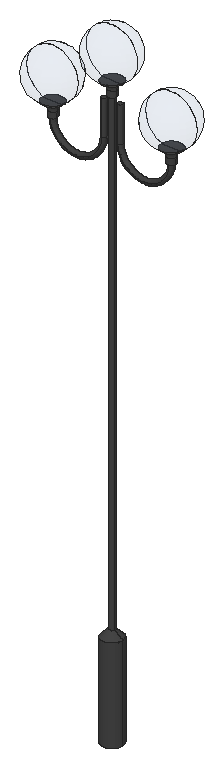
Revit family
Parameters
  Material Post = Metal - Black
  Material Lamp Glazing = Glass - Blue Frosted
  Fixture Height = 3500 mm
  Base Height = 550 mm
Reference planes
  plane 1 "Light Source Axis (F/B)": y = 0
  plane 2: z = 0
  plane 3 "Light Source Axis (L/R)": x = 0
  plane 4 "Fixture Top": z = 3500
  plane 5: y = -7.5
  plane 6 "Light Source Elevation": z = 3800
  plane 7: x = -346
  plane 8: x = 346
  plane 9: z = 3365
  plane 10: z = 3600
Forms (mm)
  Revolve 1, solid, material "Metal - Black" <- "Material Post"
    sketch origin (0, 0, 0) x (1, 0, 0) y (0, 0, 1)
      loop
        line (0, 0) -> (0, 3456.111) -> (-60, 3456.111)
        arc (-60, 3456.111) -> (-34.161, 3442.171) -> (-25, 3414.277) r 39.64
        line (-25, 3414.277) -> (-25, 3379.277) -> (-17.574, 3379.277) -> (-17.574, 592.426) -> (-60, 550) -> (-60, 0) -> (0, 0)
      axis (0, 0) -> (0, 3456.111)
    angle from 0 to 360
  Revolve 2, solid, material "Metal - Black" <- "Material Post"
    sketch origin (-97.613, 0, -40) x (1, 0, 0) y (0, 0, 1)
      loop
        line (-248.565, 3189.675) -> (-248.565, 3266.508) -> (-308.565, 3266.508)
        arc (-308.565, 3266.508) -> (-282.726, 3252.568) -> (-273.565, 3224.675) r 39.64
        line (-273.565, 3224.675) -> (-273.565, 3189.675) -> (-248.565, 3189.675)
      axis (-248.565, 3189.675) -> (-248.565, 3266.508)
    angle from 0 to 360
  Revolve 3, solid, material "Glass - Blue Frosted" <- "Material Lamp Glazing"
    sketch origin (-97.613, 0, -40) x (1, 0, 0) y (0, 0, 1)
      loop
        line (-248.565, 3261.508) -> (-248.565, 3558.37)
        arc (-248.565, 3558.37) -> (-397.779, 3423.713) -> (-279.09, 3261.508) r 150
        line (-279.09, 3261.508) -> (-248.565, 3261.508)
      axis (-248.565, 3261.508) -> (-248.565, 3558.37)
    angle from 0 to 360
  Revolve 4, solid, material "Metal - Black" <- "Material Post"
    sketch origin (97.869, 0, -40) x (-1, 0, 0) y (0, 0, 1)
      loop
        line (-248.565, 3189.675) -> (-248.565, 3266.508) -> (-308.565, 3266.508)
        arc (-308.565, 3266.508) -> (-282.726, 3252.568) -> (-273.565, 3224.675) r 39.64
        line (-273.565, 3224.675) -> (-273.565, 3189.675) -> (-248.565, 3189.675)
      axis (-248.565, 3189.675) -> (-248.565, 3266.508)
    angle from 0 to 360
  Sweep 5, solid, material "Metal - Black" <- "Material Post"
    path origin (0, 0, 0) x (1, 0, 0) y (0, 0, 1)
      loop
        line (-48.565, 3349.675) -> (-48.565, 3149.675)
        arc (-48.565, 3149.675) -> (-198.565, 2999.675) -> (-348.565, 3149.675) r 150
    profile origin (0, 0, 3249.675) x (0, -1, 0) y (1, 0, 0)
      loop
        circle (0, -48.565) r 15
  Sweep 6, solid, material "Metal - Black" <- "Material Post"
    path origin (0, 0, 0) x (1, 0, 0) y (0, 0, 1)
      loop
        line (46.435, 3349.675) -> (46.435, 3149.675)
        arc (46.435, 3149.675) -> (196.435, 2999.675) -> (346.435, 3149.675) r 150
    profile origin (0, 0, 3249.675) x (0, -1, 0) y (1, 0, 0)
      loop
        circle (0, 46.435) r 15
  Revolve 7, solid, material "Glass - Blue Frosted" <- "Material Lamp Glazing"
    sketch origin (248.565, 0, 189.603) x (1, 0, 0) y (0, 0, 1)
      loop
        line (-248.565, 3261.508) -> (-248.565, 3558.37)
        arc (-248.565, 3558.37) -> (-397.779, 3423.713) -> (-279.09, 3261.508) r 150
        line (-279.09, 3261.508) -> (-248.565, 3261.508)
      axis (-248.565, 3261.508) -> (-248.565, 3558.37)
    angle from 0 to 360
  Revolve 8, solid, material "Glass - Blue Frosted" <- "Material Lamp Glazing"
    sketch origin (595, 0, -40) x (1, 0, 0) y (0, 0, 1)
      loop
        line (-248.565, 3261.508) -> (-248.565, 3558.37)
        arc (-248.565, 3558.37) -> (-397.779, 3423.713) -> (-279.09, 3261.508) r 150
        line (-279.09, 3261.508) -> (-248.565, 3261.508)
      axis (-248.565, 3261.508) -> (-248.565, 3558.37)
    angle from 0 to 360
  Extrusion 9, solid, material "Metal - Black" <- "Material Post"
    sketch origin (0, -7.5, 0) x (1, 0, 0) y (0, 0, 1)
      loop
        line (-37.483, 3316.297) -> (-37.483, 3294.326) -> (-12.483, 3294.326) -> (-12.483, 3316.297) -> (-37.483, 3316.297)
    from 0 to -15
  Extrusion 10, solid, material "Metal - Black" <- "Material Post"
    sketch origin (0, -7.5, -50) x (1, 0, 0) y (0, 0, 1)
      loop
        line (-37.483, 3316.297) -> (-37.483, 3294.326) -> (-12.483, 3294.326) -> (-12.483, 3316.297) -> (-37.483, 3316.297)
    from 0 to -15
  Extrusion 11, solid, material "Metal - Black" <- "Material Post"
    sketch origin (0, -7.5, -145) x (1, 0, 0) y (0, 0, 1)
      loop
        line (-37.483, 3316.297) -> (-37.483, 3294.326) -> (-12.483, 3294.326) -> (-12.483, 3316.297) -> (-37.483, 3316.297)
    from 0 to -15
  Extrusion 12, solid, material "Metal - Black" <- "Material Post"
    sketch origin (0, -7.5, 0) x (-1, 0, 0) y (0, 0, -1)
      loop
        line (-37.483, -3316.297) -> (-12.483, -3316.297) -> (-12.483, -3294.326) -> (-37.483, -3294.326) -> (-37.483, -3316.297)
    from 0 to -15
  Extrusion 13, solid, material "Metal - Black" <- "Material Post"
    sketch origin (0, -7.5, -50) x (-1, 0, 0) y (0, 0, -1)
      loop
        line (-37.483, -3316.297) -> (-12.483, -3316.297) -> (-12.483, -3294.326) -> (-37.483, -3294.326) -> (-37.483, -3316.297)
    from 0 to -15
  Extrusion 14, solid, material "Metal - Black" <- "Material Post"
    sketch origin (0, -7.5, -145) x (-1, 0, 0) y (0, 0, -1)
      loop
        line (-37.483, -3316.297) -> (-12.483, -3316.297) -> (-12.483, -3294.326) -> (-37.483, -3294.326) -> (-37.483, -3316.297)
    from 0 to -15
Lines and regions (mm)
  Masking region 1
    outline origin (0, 0, 0) x (1, 0, 0) y (0, 1, 0)
      loop
        arc (-196.752, 15) -> (-496, 0) -> (-196.752, -15) r 150
        line (-196.752, -15) -> (-149.248, -15)
        arc (-149.248, -15) -> (0, -150) -> (149.248, -15) r 150
        line (149.248, -15) -> (196.752, -15)
        arc (196.752, -15) -> (496, 0) -> (196.752, 15) r 150
        line (196.752, 15) -> (149.248, 15)
        arc (149.248, 15) -> (0, 150) -> (-149.248, 15) r 150
        line (-149.248, 15) -> (-196.752, 15)
  symbolic lines
    curve 1: circle (-346, 0, 0) r 150 normal (0, 0, 1)
    curve 2: circle (0, 0, 0) r 150 normal (0, 0, 1)
    curve 3: circle (346, 0, 0) r 150 normal (0, 0, 1)
    curve 4: line (-149.248, -15, 0) -> (-196.752, -15, 0)
    curve 5: line (196.752, 15, 0) -> (149.248, 15, 0)
    curve 6: line (196.752, -15, 0) -> (149.248, -15, 0)
    curve 7: line (-149.248, 15, 0) -> (-196.752, 15, 0)
Dimensions and locks
  "Base Height": Revolve 1 sketch curve to Revolve 1 sketch curve
  "Fixture Height": plane 4 "Fixture Top" to plane 2
  locked: plane 6 "Light Source Elevation" to plane 4 "Fixture Top" at 300
  locked: plane 10 to plane 4 "Fixture Top" at 100
  locked: plane 4 "Fixture Top" to plane 9 at 135
  locked: plane 7 to plane 3 "Light Source Axis (L/R)" at 346
  locked: plane 3 "Light Source Axis (L/R)" to plane 8 at 346
  aligned and locked: plane 3 "Light Source Axis (L/R)" to nested 1
  aligned and locked: plane 1 "Light Source Axis (F/B)" to nested 1
  aligned and locked: nested 1 to plane 10
  aligned and locked: plane 1 "Light Source Axis (F/B)" to nested 3
  aligned and locked: nested 3 to plane 8
  aligned and locked: plane 1 "Light Source Axis (F/B)" to nested 2
  aligned and locked: nested 2 to plane 7
  aligned and locked: nested 3 to plane 9
  aligned and locked: nested 2 to plane 9
  aligned and locked: Sweep 5 to curve 4
  aligned and locked: Sweep 6 to curve 5
  aligned and locked: Sweep 6 to curve 6
  aligned and locked: Sweep 5 to curve 7
Automatic sketch dimensions
  Revolve 1 sketch curve to level = 0 mm
  Revolve 1 sketch curve to plane 3 "Light Source Axis (L/R)" = 0 mm  (x2)
  Revolve 1 sketch curve to plane 3 "Light Source Axis (L/R)" = 17.574 mm
  Revolve 1 sketch curve to Revolve 1 sketch curve = 7.426 mm
  Revolve 1 sketch curve to plane 3 "Light Source Axis (L/R)" = 60 mm
  Revolve 1 sketch curve to Revolve 1 sketch curve = 35 mm  (x2)
  Revolve 1 sketch curve to Revolve 1 sketch curve = 39.563 mm
  Revolve 1 sketch curve to Revolve 1 sketch curve = 271.696 mm
  Revolve 1 sketch curve to Revolve 1 sketch curve = 42.426 mm
  Revolve 1 sketch curve to Revolve 1 sketch curve = 76.834 mm
  plane 4 "Fixture Top" to Revolve 1 sketch curve = 43.889 mm
  Revolve 1 sketch curve to plane 4 "Fixture Top" = 1165.289 mm
  Revolve 2 sketch curve to plane 3 "Light Source Axis (L/R)" = 410.741 mm
  Revolve 2 sketch curve to Revolve 2 sketch curve = 4.563 mm
  Revolve 2 sketch curve to Revolve 2 sketch curve = 39.563 mm
  Revolve 2 sketch curve to Revolve 2 sketch curve = 25 mm
  Revolve 2 sketch curve to Revolve 2 sketch curve = 0 mm  (x2)
  plane 4 "Fixture Top" to Revolve 2 sketch curve = 350.325 mm
  Revolve 2 sketch curve to Revolve 2 sketch curve = 35 mm
  Revolve 2 sketch curve to Revolve 2 sketch curve = 2.458 mm
  Revolve 2 sketch curve to plane 4 "Fixture Top" = 99.675 mm
  plane 3 "Light Source Axis (L/R)" to Revolve 4 sketch curve = 410.998 mm
  Revolve 4 sketch curve to Revolve 4 sketch curve = 4.563 mm
  Revolve 4 sketch curve to Revolve 4 sketch curve = 39.563 mm
  Revolve 4 sketch curve to Revolve 4 sketch curve = 25 mm
  Revolve 4 sketch curve to Revolve 4 sketch curve = 0 mm  (x2)
  plane 4 "Fixture Top" to Revolve 4 sketch curve = 350.325 mm
  Revolve 4 sketch curve to Revolve 4 sketch curve = 35 mm
  Revolve 4 sketch curve to Revolve 4 sketch curve = 2.458 mm
  Revolve 4 sketch curve to plane 4 "Fixture Top" = 99.675 mm
  Sweep 5 sketch curve to plane 1 "Light Source Axis (F/B)" = 0 mm
  Sweep 5 sketch curve to profile plane = 0 mm
  Sweep 6 sketch curve to plane 1 "Light Source Axis (F/B)" = 0 mm
  Sweep 6 sketch curve to profile plane = 0 mm
  Sweep 5 sketch curve to plane 3 "Light Source Axis (L/R)" = 348.565 mm
  Sweep 5 sketch curve to Sweep 5 sketch curve = 150 mm
  plane 4 "Fixture Top" to Sweep 5 sketch curve = 350.325 mm
  plane 4 "Fixture Top" to Sweep 5 sketch curve = 150.325 mm
  plane 3 "Light Source Axis (L/R)" to Sweep 6 sketch curve = 46.435 mm
  Sweep 6 sketch curve to Sweep 6 sketch curve = 150 mm
  plane 4 "Fixture Top" to Sweep 6 sketch curve = 350.325 mm
  plane 4 "Fixture Top" to Sweep 6 sketch curve = 150.325 mm
  Revolve 3 sketch curve to plane 3 "Light Source Axis (L/R)" = 376.703 mm
  Revolve 3 sketch curve to Revolve 3 sketch curve = 30.525 mm
  Revolve 3 sketch curve to Revolve 3 sketch curve = 0 mm
  plane 4 "Fixture Top" to Revolve 3 sketch curve = 350.325 mm
  Revolve 3 sketch curve to Revolve 3 sketch curve = 71.834 mm
  plane 4 "Fixture Top" to Revolve 3 sketch curve = 131.63 mm
  Revolve 3 sketch curve to Revolve 3 sketch curve = 5 mm
  Revolve 7 sketch curve to plane 3 "Light Source Axis (L/R)" = 0 mm  (x2)
  Revolve 7 sketch curve to Revolve 7 sketch curve = 30.525 mm
  plane 4 "Fixture Top" to Revolve 7 sketch curve = 120.723 mm
  plane 4 "Fixture Top" to Revolve 7 sketch curve = 48.889 mm
  Revolve 7 sketch curve to plane 4 "Fixture Top" = 97.972 mm
  Revolve 7 sketch curve to Revolve 7 sketch curve = 5 mm
  plane 3 "Light Source Axis (L/R)" to Revolve 8 sketch curve = 315.91 mm
  Revolve 8 sketch curve to Revolve 8 sketch curve = 30.525 mm
  Revolve 8 sketch curve to Revolve 8 sketch curve = 0 mm
  plane 4 "Fixture Top" to Revolve 8 sketch curve = 350.325 mm
  Revolve 8 sketch curve to Revolve 8 sketch curve = 71.834 mm
  plane 4 "Fixture Top" to Revolve 8 sketch curve = 131.63 mm
  Revolve 8 sketch curve to Revolve 8 sketch curve = 5 mm
  Extrusion 9 sketch curve to plane 3 "Light Source Axis (L/R)" = 37.483 mm
  Extrusion 9 sketch curve to plane 3 "Light Source Axis (L/R)" = 12.483 mm
  plane 4 "Fixture Top" to Extrusion 9 sketch curve = 205.674 mm
  Extrusion 9 sketch curve to Extrusion 9 sketch curve = 21.97 mm
  Extrusion 10 sketch curve to plane 3 "Light Source Axis (L/R)" = 37.483 mm
  Extrusion 10 sketch curve to plane 3 "Light Source Axis (L/R)" = 12.483 mm
  plane 4 "Fixture Top" to Extrusion 10 sketch curve = 255.674 mm
  Extrusion 10 sketch curve to Extrusion 10 sketch curve = 21.97 mm
  Extrusion 11 sketch curve to plane 3 "Light Source Axis (L/R)" = 37.483 mm
  Extrusion 11 sketch curve to plane 3 "Light Source Axis (L/R)" = 12.483 mm
  plane 4 "Fixture Top" to Extrusion 11 sketch curve = 350.674 mm
  Extrusion 11 sketch curve to Extrusion 11 sketch curve = 21.97 mm
  plane 3 "Light Source Axis (L/R)" to Extrusion 12 sketch curve = 37.483 mm
  plane 3 "Light Source Axis (L/R)" to Extrusion 12 sketch curve = 12.483 mm
  plane 4 "Fixture Top" to Extrusion 12 sketch curve = 183.703 mm
  Extrusion 12 sketch curve to Extrusion 12 sketch curve = 21.97 mm
  plane 3 "Light Source Axis (L/R)" to Extrusion 13 sketch curve = 37.483 mm
  plane 3 "Light Source Axis (L/R)" to Extrusion 13 sketch curve = 12.483 mm
  plane 4 "Fixture Top" to Extrusion 13 sketch curve = 233.703 mm
  Extrusion 13 sketch curve to Extrusion 13 sketch curve = 21.97 mm
  plane 3 "Light Source Axis (L/R)" to Extrusion 14 sketch curve = 37.483 mm
  plane 3 "Light Source Axis (L/R)" to Extrusion 14 sketch curve = 12.483 mm
  plane 4 "Fixture Top" to Extrusion 14 sketch curve = 328.703 mm
  Extrusion 14 sketch curve to Extrusion 14 sketch curve = 21.97 mm
  curve 1 to plane 1 "Light Source Axis (F/B)" = 0 mm
  curve 1 to plane 7 = 0 mm
  curve 2 to plane 3 "Light Source Axis (L/R)" = 0 mm
  curve 3 to plane 1 "Light Source Axis (F/B)" = 0 mm
  curve 3 to plane 8 = 0 mm
  plane 7 to curve 7 = 149.248 mm
  curve 7 to curve 7 = 47.504 mm
  curve 4 to curve 7 = 0 mm
  curve 6 to curve 6 = 47.504 mm
  Masking region 1 sketch curve to Masking region 1 sketch curve = 0 mm  (x3)
  Masking region 1 sketch curve to plane 1 "Light Source Axis (F/B)" = 0 mm  (x3)
  Masking region 1 sketch curve to plane 7 = 0 mm
  Masking region 1 sketch curve to plane 3 "Light Source Axis (L/R)" = 0 mm
  Masking region 1 sketch curve to plane 8 = 0 mm
  Masking region 1 sketch curve to plane 1 "Light Source Axis (F/B)" = 15 mm  (x2)
  Masking region 1 sketch curve to Masking region 1 sketch curve = 47.504 mm  (x2)
  plane 5 to Masking region 1 sketch curve = 7.5 mm  (x2)
  plane 7 to Masking region 1 sketch curve = 149.248 mm
  radius of Sweep 5 sketch curve = 15 mm
  radius of Sweep 6 sketch curve = 15 mm
Nested families
  nested 1: "Light Source" at (0, 0, 3600), type "100W"
  nested 2: "Light Source" at (-346, 0, 3365), type "100W"
  nested 3: "Light Source" at (346, 0, 3365), type "100W"
Definition of nested family "Light Source"
  Parameters (values of type "100W")
    Wattage = 100 W
    built-in parameter 1150110 = 1 (stored number, unit not read)
    built-in parameter 1114217 = 1 (stored number, unit not read)
    built-in parameter 1150109 = 1 (stored number, unit not read)
    built-in parameter 1150134 = 4
    built-in parameter 1150113 = 1 (stored number, unit not read)
    Lumens = 1200 lm
    built-in parameter 1150115 = 1 (stored number, unit not read)
    built-in parameter 1150105 = 95.493 (stored number, unit not read)
    Light Source Symbol Size = 609.6 mm
    built-in parameter 1150137 = (empty or 0)
    built-in parameter 1150139 = (empty or 0)
    built-in parameter 1150112 = 1 (stored number, unit not read)
    built-in parameter 1150114 = 1 (stored number, unit not read)
    built-in parameter 1150132 = (empty or 0)
    built-in parameter 1150102 = (empty or 0)
    built-in parameter 1150138 = (empty or 0)
    built-in parameter 1150107 = 2800 (stored number, unit not read)
    built-in parameter 1150106 = 0.95493 (stored number, unit not read)
    built-in parameter 1150104 = 1.1148 (stored number, unit not read)
    Dimming Lamp Color Temperature Shift = (empty or 0)
    Color Filter = 16777215
    built-in parameter 1114218 = 1 (stored number, unit not read)
    built-in parameter 1150133 = 10 (stored number, unit not read)
    Assembly Code = ""
  Reference planes
    plane 1 "Light Source Axis (F/B)": y = 0
    plane 2: z = 0
    plane 3 "Light Source Axis (L/R)": x = 0
    plane 4 "Light Source Elevation": z = 0
  Lines and regions (mm)
    reference lines
      curve 1: line (0, 1196.616, 0) -> (0, -1403.384, 0)
      curve 2: line (-1183.996, 0, 0) -> (2216.004, 0, 0)
      curve 3: line (0, 0, 1167.649) -> (0, 0, -972.351)
  Dimensions and locks
    aligned and locked: plane 3 "Light Source Axis (L/R)" to imposter light
    aligned and locked: plane 1 "Light Source Axis (F/B)" to imposter light
    aligned and locked: plane 4 "Light Source Elevation" to imposter light
    aligned and locked: plane 4 "Light Source Elevation" to plane 2
    aligned and locked: plane 1 "Light Source Axis (F/B)" to curve 2
    aligned and locked: curve 1 to plane 3 "Light Source Axis (L/R)"
    aligned and locked: curve 3 to plane 3 "Light Source Axis (L/R)"
